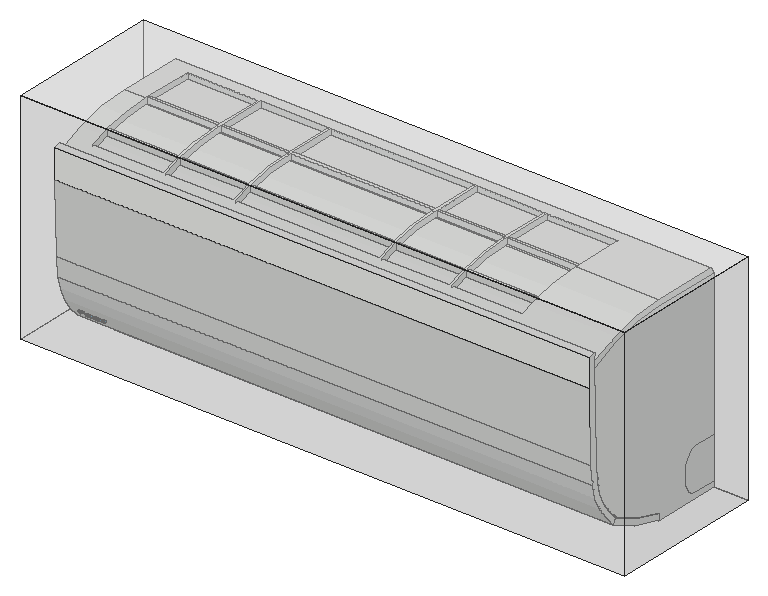
Revit family "outputfile", category 機械設備, Revit 2024
Family settings
  丸型コネクタ寸法 = 半径を使用
  パーツ タイプ = 標準
  OmniClass 番号 = 23.75.10.24.21.27.27
  OmniClass タイトル = Split System Air Conditioning Units
  作業面ベース = いいえ
  常に垂直 = はい
  ロード時にボイドで切り取り = いいえ
  注釈の向きを維持 = いいえ
  共有 = いいえ
  部屋計算ポイント = いいえ
Parameters (values of type "FTXF20WVMA")
  Description = ""
  書き出し IFC クラス(タイプ) = "IfcUnitaryEquipmentType"
  定義済み IFC タイプ(タイプ) = "AIRCONDITIONINGUNIT"
  Cost = 0
  Type Comments = ""
  Keynote = ""
  Type Image = (empty or 0)
  Assembly Code = ""
  w_wall hole = if(Width = 770.0 mm, 48.0 mm, 60.0 mm)  # 48.0 mm
  製造元 = "Daikin"
  モデル = "FTXF20WVMA"
  switch_frequency = yes
  r_Liquid Pipe Size = Liquid Pipe Size / 2  # 3.2 mm
  r_Gas Pipe Size = Gas Pipe Size / 2  # 4.75 mm
  r_Drain Pipe Size = Drain Pipe Size / 2  # 8.0 mm
  lw_powersupply [instance] = if(Width = 770.0 mm, if(or(Rear Right Connection_refrigerant, Bottom Right Connection_refrigerant), 25.0 mm, if(or(Rear Left Connection_refrigerant, Bottom Left Connection_refrigerant), 745.0 mm, 400.0 mm)), if(Width = 990.0 mm, if(or(Rear Right Connection_refrigerant, Bottom Right Connection_refrigerant), 40.0 mm, if(or(Rear Left Connection_refrigerant, Bottom Left Connection_refrigerant), 920.0 mm, 400.0 mm)), if(or(Rear Right Connection_refrigerant, Bottom Right Connection_refrigerant), 40.0 mm, if(or(Rear Left Connection_refrigerant, Bottom Left Connection_refrigerant), 920.0 mm, 400.0 mm))))  # 400.0 mm
  lw_liquidpipe [instance] = if(Width = 770.0 mm, if(or(Rear Right Connection_refrigerant, Bottom Right Connection_refrigerant), 0.0 mm, if(or(Rear Left Connection_refrigerant, Bottom Left Connection_refrigerant), 664.0 mm, 385.0 mm)), if(Width = 990.0 mm, if(or(Rear Right Connection_refrigerant, Bottom Right Connection_refrigerant), 0.0 mm, if(or(Rear Left Connection_refrigerant, Bottom Left Connection_refrigerant), 664.0 mm + (990.0 mm - 770.0 mm), 475.0 mm)), if(or(Rear Right Connection_refrigerant, Bottom Right Connection_refrigerant), 0.0 mm, if(or(Rear Left Connection_refrigerant, Bottom Left Connection_refrigerant), 664.0 mm + (990.0 mm - 770.0 mm), 475.0 mm))))  # 385.0 mm
  lw_gaspipe [instance] = if(Width = 770.0 mm, if(or(Rear Right Connection_refrigerant, Bottom Right Connection_refrigerant), 0.0 mm, if(or(Rear Left Connection_refrigerant, Bottom Left Connection_refrigerant), 675.0 mm, if(Gas Pipe Size = 12.7 mm, 335.0 mm, 335.0 mm))), if(Width = 990.0 mm, if(or(Rear Right Connection_refrigerant, Bottom Right Connection_refrigerant), 10.0 mm, if(or(Rear Left Connection_refrigerant, Bottom Left Connection_refrigerant), 890.0 mm, if(Gas Pipe Size = 15.9 mm, 400.0 mm, 400.0 mm))), if(or(Rear Right Connection_refrigerant, Bottom Right Connection_refrigerant), 10.0 mm, if(or(Rear Left Connection_refrigerant, Bottom Left Connection_refrigerant), 890.0 mm, if(Gas Pipe Size = 15.9 mm, 400.0 mm, 400.0 mm)))))  # 335.0 mm
  lw_drainpipe [instance] = if(Width = 770.0 mm, if(or(Rear Right Connection_refrigerant, Bottom Right Connection_refrigerant), 0.0 mm, if(or(Rear Left Connection_refrigerant, Bottom Left Connection_refrigerant), 770.0 mm - 48.0 mm - 48.0 mm, 440.0 mm)), if(Width = 990.0 mm, if(or(Rear Right Connection_refrigerant, Bottom Right Connection_refrigerant), 0.0 mm, if(or(Rear Left Connection_refrigerant, Bottom Left Connection_refrigerant), 675.0 mm + (990.0 mm - 770.0 mm), 435.0 mm)), if(or(Rear Right Connection_refrigerant, Bottom Right Connection_refrigerant), 0.0 mm, if(or(Rear Left Connection_refrigerant, Bottom Left Connection_refrigerant), 675.0 mm + (990.0 mm - 770.0 mm), 435.0 mm))))  # 440.0 mm
  l_powersupply_length [instance] = if(Width = 770.0 mm, if(Right Connection_refrigerant, 400.0 mm, if(Left Connection_refrigerant, 770.0 mm - 400.0 mm, if(or(Rear Left Connection_refrigerant, Rear Right Connection_refrigerant), 15.0 mm, 50.0 mm))), if(Width = 990.0 mm, if(Right Connection_refrigerant, 400.0 mm, if(Left Connection_refrigerant, 990.0 mm - 400.0 mm, if(or(Rear Left Connection_refrigerant, Rear Right Connection_refrigerant), 15.0 mm, 50.0 mm))), if(Right Connection_refrigerant, 400.0 mm, if(Left Connection_refrigerant, 990.0 mm - 400.0 mm, if(or(Rear Left Connection_refrigerant, Rear Right Connection_refrigerant), 15.0 mm, 50.0 mm)))))  # 400.0 mm
  l_liquidpipe_length [instance] = if(Width = 770.0 mm, if(Right Connection_refrigerant, 433.0 mm, if(Left Connection_refrigerant, 337.0 mm, if(or(Rear Left Connection_refrigerant, Rear Right Connection_refrigerant), 30.0 mm, 40.0 mm))), if(Width = 990.0 mm, if(Right Connection_refrigerant, 535.0 mm, if(Left Connection_refrigerant, 455.0 mm, if(or(Rear Left Connection_refrigerant, Rear Right Connection_refrigerant), 30.0 mm, 40.0 mm))), if(Right Connection_refrigerant, 535.0 mm, if(Left Connection_refrigerant, 455.0 mm, if(or(Rear Left Connection_refrigerant, Rear Right Connection_refrigerant), 30.0 mm, 40.0 mm)))))  # 433.0 mm
  l_gaspipe_length [instance] = if(Width = 770.0 mm, if(Right Connection_refrigerant, if(Gas Pipe Size = 12.7 mm, 383.0 mm, 383.0 mm), if(Left Connection_refrigerant, if(Gas Pipe Size = 12.7 mm, 770.0 mm - 383.0 mm, 770.0 mm - 383.0 mm), if(or(Rear Left Connection_refrigerant, Rear Right Connection_refrigerant), 40.0 mm, 50.0 mm))), if(Width = 990.0 mm, if(Right Connection_refrigerant, if(Gas Pipe Size = 15.9 mm, 460.0 mm, 460.0 mm), if(Left Connection_refrigerant, if(Gas Pipe Size = 15.9 mm, 990.0 mm - 460.0 mm, 990.0 mm - 460.0 mm), if(or(Rear Left Connection_refrigerant, Rear Right Connection_refrigerant), 40.0 mm, 50.0 mm))), if(Right Connection_refrigerant, if(Gas Pipe Size = 15.9 mm, 460.0 mm, 460.0 mm), if(Left Connection_refrigerant, if(Gas Pipe Size = 15.9 mm, 990.0 mm - 460.0 mm, 990.0 mm - 460.0 mm), if(or(Rear Left Connection_refrigerant, Rear Right Connection_refrigerant), 40.0 mm, 50.0 mm)))))  # 383.0 mm
  l_drainpipe_length [instance] = if(Width = 770.0 mm, if(Right Connection_refrigerant, 488.0 mm, if(Left Connection_refrigerant, 282.0 mm, if(or(Rear Left Connection_refrigerant, Rear Right Connection_refrigerant), 15.0 mm, 20.0 mm))), if(Width = 990.0 mm, if(Right Connection_refrigerant, 495.0 mm, if(Left Connection_refrigerant, 495.0 mm, if(or(Rear Left Connection_refrigerant, Rear Right Connection_refrigerant), 15.0 mm, 20.0 mm))), if(Right Connection_refrigerant, 495.0 mm, if(Left Connection_refrigerant, 495.0 mm, if(or(Rear Left Connection_refrigerant, Rear Right Connection_refrigerant), 15.0 mm, 20.0 mm)))))  # 488.0 mm
  h*** = 0.0 mm  # constant formula
  connector_voltage = Voltage_50Hz  # 230 V
  connector_powerinput = if([Power Input (Cooling)] > [Power Input (Heating)], [Power Input (Cooling)], [Power Input (Heating)])  # 0.000 kW
  connector_phase = Phase_50Hz  # 1
  angle_vertical [instance] = if(or(Bottom Left Connection_refrigerant, Bottom Right Connection_refrigerant), 0.00°, 90.00°)  # 90.00°
  angle_horizontal [instance] = if(Right Connection_refrigerant, 90.00°, if(Left Connection_refrigerant, -90.00°, if(or(Rear Left Connection_refrigerant, Rear Right Connection_refrigerant), 180.00°, 0.00°)))  # 90.00°
  Width = 770.0 mm
  Voltage_comment_50Hz = "220 - 240"
  Voltage_50Hz = 230 V
  Version = "ver.1.0"
  Unit Type = "Wall Mounted"
  Unit Mass Weight = 9.00 kg
  Unit Designation [instance] = ""
  Uniclass2015Version = "Products v1.30"
  Uniclass2015Title = "Split coil room air conditioning units"
  Uniclass2015Code = "Pr_70_65_03_86"
  URL = ""
  Total Heating Capacity [instance] = 0.000 kW
  Total Cooling Capacity [instance] = 0.000 kW
  Sound Pressure Level_M speed (dBA) = 33
  Sound Pressure Level_L speed (dBA) = 27
  Sound Pressure Level_H speed (dBA) = 39
  Sound Power Level_H speed (dB) = 0
  Series = "Single Split_Fan Coil Unit"
  Sensible Cooling Capacity [instance] = 0.000 kW
  Refrigerant Type = "R32"
  Power Input (Heating) = 0.000 kW
  Power Input (Cooling) = 0.000 kW
  Phase_50Hz = 1
  Option Accessory 3 [instance] = ""
  Option Accessory 2 [instance] = ""
  Option Accessory 1 [instance] = ""
  Nominal Heating Capacity = 2.500 kW
  Nominal Cooling Capacity = 2.000 kW
  Minimum Circuit Amps_50Hz = 0.0 A
  Minimum Airflow = 306.00 m³/h
  Median Airflow = 390.00 m³/h
  Maximum Fuse Amps_50Hz = 0.0 A
  Maximum Airflow = 546.00 m³/h
  Material_Casing = DAIKIN_PureWhite_Casing_indoorunit
  Load Classification = HVAC
  Liquid Pipe Size = 6.4 mm
  Link_Nested Family [instance] = ""
  IfcVersion = ""
  IfcExportType = "AIRCONDITIONINGUNIT"
  IfcExportAs = "IfcUnitaryEquipmentType"
  Height = 285.0 mm
  Heating Entering Wet Bulb Temperature [instance] = 0.00 °C
  Heating Entering Dry Bulb Temperature [instance] = 0.00 °C
  Heating Ambient Wet Bulb Temperature [instance] = 0.00 °C
  Heating Ambient Dry Bulb Temperature [instance] = 0.00 °C
  Heat Exchanger Type = "Cross Fin Coil"
  Gas Pipe Size = 9.5 mm
  Frequency_50Hz = 50 Hz
  Fan Type = "Cross Flow Fan"
  Fan Drive = "Direct Drive"
  FCU Tag No. [instance] = ""
  Drain Pipe Size = 16.0 mm
  Design Supply Airflow [instance] = 0.00 m³/h
  Depth = 223.0 mm
  既定の高さ = 0.0 mm
  Cooling Entering Wet Bulb Temperature [instance] = 0.00 °C
  Cooling Entering Dry Bulb Temperature [instance] = 0.00 °C
  Cooling Ambient Wet Bulb Temperature [instance] = 0.00 °C
  Cooling Ambient Dry Bulb Temperature [instance] = 0.00 °C
  Clearance visibility [instance] = yes
  Clearance Top = 30.0 mm
  Clearance Right = 50.0 mm
  Clearance Rear = 0.0 mm
  Clearance Left = 50.0 mm
  Clearance Front = 0.0 mm
  Clearance Bottom = 0.0 mm
  Bottom Right Connection_refrigerant [instance] = no
  Bottom Left Connection_refrigerant [instance] = no
  Rear Right Connection_refrigerant [instance] = no
  Rear Left Connection_refrigerant [instance] = no
  Right Connection_refrigerant [instance] = yes
  Left Connection_refrigerant [instance] = no
Reference planes
  plane 1 "Back": y = 0
  plane 2: z = 0
  plane 3 "Center (Left/Right)": x = 0
  plane 4 "Center (Front/Back)": y = -111.5
  plane 5 "Front": y = -223
  plane 6 "Left": x = -385
  plane 7 "Right": x = 385
  plane 8 "Top": z = 0
  plane 9 "Bottom": z = -285
  plane 10: x = -435
  plane 11: x = 435
  plane 12: y = 0
  plane 13: y = -223
  plane 14: z = 30
  plane 15: z = -285
  plane 16 "lw_Piping and Wiring intake": x = 337
  plane 17 "lw_gaspipe": x = 2
  plane 18 "lw_liquidpipe": x = -48
  plane 19 "lw_drainpipe": x = -103
  plane 20 "lh_drainpipe": z = -265
  plane 21 "lh_liquidpipe": z = -245
  plane 22 "lh_gaspipe": z = -235
  plane 23 "ld_drainpipe": y = -15
  plane 24 "ld_liquidpipe": y = -30
  plane 25 "ld_gaspipe": y = -40
  plane 26 "lw_powersupply": x = -15
Dimensions and locks
  equal spacing: plane 6 "Left", plane 3 "Center (Left/Right)", plane 7 "Right"
  "Width": plane 6 "Left" to plane 7 "Right"
  equal spacing: plane 5 "Front", plane 4 "Center (Front/Back)", plane 1 "Back"
  "Depth": plane 5 "Front" to plane 1 "Back"
  "Height": plane 8 "Top" to plane 9 "Bottom"
  "Clearance Rear": plane 12 to plane 1 "Back"
  "Clearance Front": plane 13 to plane 5 "Front"
  "Clearance Top": plane 14 to plane 8 "Top"
  "Clearance Bottom": plane 9 "Bottom" to plane 15
  "w_wall hole": plane 16 "lw_Piping and Wiring intake" to plane 7 "Right"
  "lw_gaspipe": plane 17 "lw_gaspipe" to plane 16 "lw_Piping and Wiring intake"
  "lw_liquidpipe": plane 18 "lw_liquidpipe" to plane 16 "lw_Piping and Wiring intake"
  "lw_drainpipe": plane 19 "lw_drainpipe" to plane 16 "lw_Piping and Wiring intake"
  locked: plane 20 "lh_drainpipe" to plane 9 "Bottom" at 20
  locked: plane 21 "lh_liquidpipe" to plane 9 "Bottom" at 40
  locked: plane 22 "lh_gaspipe" to plane 9 "Bottom" at 50
  locked: plane 23 "ld_drainpipe" to plane 1 "Back" at 15
  locked: plane 1 "Back" to plane 24 "ld_liquidpipe" at 30
  locked: plane 1 "Back" to plane 25 "ld_gaspipe" at 40
  "lw_powersupply": plane 26 "lw_powersupply" to plane 7 "Right"
  "Clearance Left": plane 10 to plane 6 "Left"
  "Clearance Right": plane 7 "Right" to plane 11
  aligned and locked: level to plane 2
  aligned and locked: plane 12 to nested 1
  aligned and locked: nested 1 to plane 13
  aligned and locked: plane 10 to nested 1
  aligned and locked: plane 11 to nested 1
  aligned and locked: plane 15 to nested 1
  aligned and locked: plane 14 to nested 1
  aligned and locked: plane 17 "lw_gaspipe" to nested 2
  aligned and locked: nested 2 to plane 25 "ld_gaspipe"
  aligned and locked: plane 18 "lw_liquidpipe" to nested 3
  aligned and locked: nested 3 to plane 24 "ld_liquidpipe"
  aligned and locked: plane 19 "lw_drainpipe" to nested 4
  aligned and locked: nested 4 to plane 23 "ld_drainpipe"
  aligned and locked: nested 5 to plane 23 "ld_drainpipe"
  aligned and locked: plane 26 "lw_powersupply" to nested 5
  aligned and locked: level to plane 8 "Top"
  aligned and locked: plane 3 "Center (Left/Right)" to nested 6
  aligned and locked: plane 1 "Back" to nested 6
  aligned and locked: plane 8 "Top" to nested 6
Nested families
  nested 1: "daikin_clearancespace" at (0, -111.5, -127.381), show <- "Clearance visibility", visible <- "Clearance visibility", Link_Nested Family <- "Link_Nested Family", type "daikin_clearancespace"
    with width 870.0 mm, show yes, height 315.0 mm, depth 223.0 mm, Link_Nested Family ""
  nested 2: "daikin_connector_rotate3" at (2, -40, -235), angle_vertical <- "angle_vertical", angle_horizontal <- "angle_horizontal", length <- "l_gaspipe_length", radius <- "r_Gas Pipe Size", type "daikin_connector_rotate3"
    with show no, radius 4.75 mm, length 383.0 mm, angle_vertical 90.00°, angle_horizontal 90.00°
  nested 3: "daikin_connector_rotate3" at (-48, -30, -245), angle_vertical <- "angle_vertical", angle_horizontal <- "angle_horizontal", radius <- "r_Liquid Pipe Size", length <- "l_liquidpipe_length", type "daikin_connector_rotate3"
    with show no, radius 3.2 mm, length 433.0 mm, angle_vertical 90.00°, angle_horizontal 90.00°
  nested 4: "daikin_connector_rotate3" at (-103, -15, -265), angle_vertical <- "angle_vertical", angle_horizontal <- "angle_horizontal", length <- "l_drainpipe_length", radius <- "r_Drain Pipe Size", type "daikin_connector_rotate3"
    with show no, radius 8.0 mm, length 488.0 mm, angle_vertical 90.00°, angle_horizontal 90.00°
  nested 5: "daikin_connector_rotate3" at (-15, -15, -235), angle_vertical <- "angle_vertical", angle_horizontal <- "angle_horizontal", length <- "l_powersupply_length", type "daikin_connector_rotate3"
    with show no, radius 10.0 mm, length 400.0 mm, angle_vertical 90.00°, angle_horizontal 90.00°
  nested 6: "DAIKIN_indoorunit_FTXF-WVMA" at (-31, 0, 0), type "FTXF-WVMA"
Connectors
  piping at (385, -40, -235), diameter 9.5, driven by "r_Gas Pipe Size"
    settings: on nested 2, index 1, connector inside diameter 609.6 mm, connector length 0.0 mm, flow factor 0, pipe flow 0.00 m³/h, pressure drop 0.0 Pa, fitting loss kfactor 0, connector angle 0.00°, fixture units 0, engagement length 0.0 mm, angle of deflection 0.00°, flow configuration 1, flow direction 2, fitting loss method 0, system type 29, joint type 0, gender type 0, connector reference index -1, connector utility 0, adjustable connector no, is connector primary yes, connector description "Refrigerant Gas Piping"
  piping at (385, -30, -245), diameter 6.4, driven by "r_Liquid Pipe Size"
    settings: on nested 3, index 2, connector inside diameter 609.6 mm, connector length 0.0 mm, flow factor 0, pipe flow 0.00 m³/h, pressure drop 0.0 Pa, fitting loss kfactor 0, connector angle 0.00°, fixture units 0, engagement length 0.0 mm, angle of deflection 0.00°, flow configuration 1, flow direction 1, fitting loss method 0, system type 29, joint type 0, gender type 0, connector reference index -1, connector utility 0, adjustable connector no, is connector primary no, connector description "Refrigerant Liquid Piping"
  piping at (385, -15, -265), diameter 16, driven by "r_Drain Pipe Size"
    settings: on nested 4, index 3, connector inside diameter 609.6 mm, connector length 0.0 mm, flow factor 0, pipe flow 0.00 m³/h, pressure drop 0.0 Pa, fitting loss kfactor 0, connector angle 0.00°, fixture units 0, engagement length 0.0 mm, angle of deflection 0.00°, flow configuration 1, flow direction 2, fitting loss method 4, system type 16, joint type 0, gender type 0, connector reference index -1, connector utility 0, adjustable connector no, is connector primary no, connector description "Condensate Drain Piping"
  electrical at (385, -15, -235), driven by "Load Classification", driven by "connector_voltage", driven by "connector_powerinput", driven by "connector_phase"
    settings: on nested 5, index 4, voltage 230 V, apparent load 0 VA, apparent load phase1 0 VA, apparent load phase2 0 VA, apparent load phase3 0 VA, power factor 1, load classification "HVAC", number of poles 1, system type 30, power factor state 1, is connector primary yes, connector utility no, sub classification motor no, connector description "Power Supply"
Definition of nested family "daikin_clearancespace"
  Parameters (values of type "daikin_clearancespace")
    Description = "daikin_clearancespace"
    width [instance] = 1823.963 mm
    show [instance] = yes
    material = none
    height [instance] = 1359.762 mm
    depth [instance] = 880.0 mm
    Default Elevation = 0.0 mm
    Link_Nested Family [instance] = ""
  Reference planes
    plane 1 "Center (Front/Back)": y = 0
    plane 2 "Center (Elevation)": z = -0.119
    plane 3 "Center (Left/Right)": x = 0
    plane 4: y = 440
    plane 5: y = -440
    plane 6 "Right": x = 911.982
    plane 7 "Left": x = -911.982
    plane 8 "Top": z = 679.762
    plane 9 "Bottom": z = -680
  Forms (mm)
    Extrusion 1, solid, material <- "material", visible <- "show"
      sketch origin (0, 0, 0) x (1, 0, 0) y (0, 1, 0)
        loop
          line (-911.982, 440) -> (-911.982, -440) -> (911.982, -440) -> (911.982, 440) -> (-911.982, 440)
      from -680 to 679.762
  Lines and regions (mm)
    symbolic lines, visible <- "show"
      curve 1: line (911.982, 440, 0) -> (-911.982, 440, 0)
      curve 2: line (-911.982, 440, 0) -> (-911.982, -440, 0)
      curve 3: line (-911.982, -440, 0) -> (911.982, -440, 0)
      curve 4: line (911.982, -440, 0) -> (911.982, 440, 0)
      curve 5: line (911.982, 0, 679.762) -> (-911.982, 0, 679.762)
      curve 6: line (911.982, 0, -680) -> (911.982, 0, 679.762)
      curve 7: line (-911.982, 0, -680) -> (911.982, 0, -680)
      curve 8: line (-911.982, 0, 679.762) -> (-911.982, 0, -680)
      curve 9: line (0, 440, 679.762) -> (0, -440, 679.762)
      curve 10: line (0, -440, 679.762) -> (0, -440, -680)
      curve 11: line (0, 440, -680) -> (0, 440, 679.762)
      curve 12: line (0, -440, -680) -> (0, 440, -680)
  Dimensions and locks
    "width": plane 7 "Left" to plane 6 "Right"
    "depth": plane 4 to plane 5
    "height": plane 8 "Top" to plane 9 "Bottom"
    equal spacing: plane 7 "Left", plane 3 "Center (Left/Right)", plane 6 "Right"
    equal spacing: plane 4, plane 1 "Center (Front/Back)", plane 5
    equal spacing: plane 8 "Top", plane 2 "Center (Elevation)", plane 9 "Bottom"
    aligned and locked: level to plane 2 "Center (Elevation)"
    aligned and locked: Extrusion 1 sketch curve to plane 4
    aligned and locked: plane 7 "Left" to Extrusion 1 sketch curve
    aligned and locked: Extrusion 1 sketch curve to plane 5
    aligned and locked: Extrusion 1 sketch curve to plane 6 "Right"
    aligned and locked: plane 8 "Top" to Extrusion 1
    aligned and locked: curve 1 to Extrusion 1
    aligned and locked: curve 2 to Extrusion 1
    aligned and locked: curve 3 to Extrusion 1
    aligned and locked: curve 4 to Extrusion 1
    aligned and locked: curve 5 to Extrusion 1
    aligned and locked: curve 6 to Extrusion 1
    aligned and locked: curve 7 to Extrusion 1
    aligned and locked: curve 8 to Extrusion 1
    aligned and locked: curve 9 to Extrusion 1
    aligned and locked: curve 10 to Extrusion 1
    aligned and locked: curve 11 to Extrusion 1
    aligned and locked: curve 12 to Extrusion 1
    aligned and locked: Extrusion 1 to plane 9 "Bottom"
Definition of nested family "DAIKIN_indoorunit_FTXF-WVMA"
  Parameters (values of type "FTKF-TVMA")
    switch_unit1_60-71 = Width = 990.0 mm  # no
    switch_unit1_20-50 = Width = 770.0 mm  # yes
    Width = 770.0 mm
    WALL HOLE-R = if(Width = 770.0 mm, 48.0 mm, 60.0 mm)  # 48.0 mm
    WALL HOLE Size = if(Width = 770.0 mm, 65.0 mm, 80.0 mm)  # 65.0 mm
    Material_Casing = none
    Height = if(Width = 770.0 mm, 285.0 mm, 295.0 mm)  # 285.0 mm
    Default Elevation = 0.0 mm
  Reference planes
    plane 1 "Center (Front/Back)": y = 0
    plane 2 "reference_level": z = 0
    plane 3 "Center (Left/Right)": x = 31
    plane 4: x = -354
    plane 5: x = 416
    plane 6: z = -285
  Forms (mm)
    Extrusion 1, solid, material <- "Material_Casing", visible <- "switch_unit1_20-50"
      sketch origin (29, 0, 0) x (0, 1, 0) y (0, 0, 1)
        loop
          line (-5, 0) -> (-98, 0)
          arc (-98, 0) -> (-157.611, -7.211) -> (-213.783, -28.427) r 250
          arc (-213.783, -28.427) -> (-213.842, -32.972) -> (-213.892, -37.516) r 2191
          arc (-213.892, -37.516) -> (-157.832, -15.495) -> (-98.07, -8) r 242
          line (-98.07, -8) -> (0, -8) -> (-5, 0)
      from -383 to 387
    Extrusion 2, solid, material <- "Material_Casing", visible <- "switch_unit1_20-50"
      sketch origin (416, 1296.25, 1200) x (0, 1, 0) y (0, 0, 1)
        loop
          line (-1472.998, -1446.91) -> (-1476.998, -1453.839)
          arc (-1476.998, -1453.839) -> (-1437.481, -1472.422) -> (-1395.25, -1483.538) r 240
          line (-1395.25, -1483.538) -> (-1395.25, -1475.422)
          arc (-1395.25, -1475.422) -> (-1435.407, -1464.663) -> (-1472.998, -1446.91) r 232
      from 0 to -47.5
    Extrusion 3, solid, material <- "Material_Casing", visible <- "switch_unit1_20-50"
      sketch origin (29, 0, 0) x (0, 1, 0) y (0, 0, 1)
        loop
          arc (-223, -60.455) -> (-222.414, -110.646) -> (-220.656, -160.81) r 2149.92
          arc (-220.656, -160.81) -> (-219.65, -174.299) -> (-217.853, -187.706) r 229.911
          arc (-217.853, -187.706) -> (-205.371, -223.594) -> (-181.517, -253.17) r 111
          line (-181.517, -253.17) -> (-177.429, -246.093)
          arc (-177.429, -246.093) -> (-198.77, -218.989) -> (-209.965, -186.36) r 103
          arc (-209.965, -186.36) -> (-211.681, -173.586) -> (-212.651, -160.735) r 221.844
          arc (-212.651, -160.735) -> (-214.739, -93.233) -> (-214.74, -25.699) r 2186.828
          arc (-214.74, -25.699) -> (-214.671, -21.467) -> (-214.594, -17.235) r 2192
          line (-214.594, -17.235) -> (-223, -19.961) -> (-223, -60.455)
      from -383 to 387
    Extrusion 4, solid, material <- "Material_Casing", visible <- "switch_unit1_20-50"
      sketch origin (29, 0, -20) x (0, 1, 0) y (0, 0, 1)
        loop
          line (0, -265) -> (0, 12) -> (-98.07, 12)
          arc (-98.07, 12) -> (-157.832, 4.505) -> (-213.892, -17.516) r 242
          arc (-213.892, -17.516) -> (-213.638, -79.114) -> (-211.653, -140.681) r 2191
          arc (-211.653, -140.681) -> (-210.685, -153.501) -> (-208.973, -166.243) r 221
          arc (-208.973, -166.243) -> (-197.471, -199.282) -> (-175.482, -226.491) r 102
          arc (-175.482, -226.491) -> (-138.004, -244.019) -> (-98, -254.579) r 231
          line (-98, -254.579) -> (-98, -265) -> (0, -265)
      from -383 to 387
    Extrusion 5, solid, material <- "Material_Casing", visible <- "switch_unit1_20-50"
      sketch origin (-354, 1296.25, 1200) x (0, 1, 0) y (0, 0, 1)
        loop
          line (-1472.998, -1446.91) -> (-1476.998, -1453.839)
          arc (-1476.998, -1453.839) -> (-1437.481, -1472.422) -> (-1395.25, -1483.538) r 240
          line (-1395.25, -1483.538) -> (-1395.25, -1475.422)
          arc (-1395.25, -1475.422) -> (-1435.407, -1464.663) -> (-1472.998, -1446.91) r 232
      from 47 to 0
    Extrusion 6, solid, material <- "Material_Casing", visible <- "switch_unit1_20-50"
      sketch origin (416, 1296.25, 1200) x (0, 1, 0) y (0, 0, 1)
        loop
          line (-1472.998, -1446.91) -> (-1476.998, -1453.839)
          arc (-1476.998, -1453.839) -> (-1443.437, -1470.168) -> (-1407.75, -1481.097) r 240
          line (-1407.75, -1481.097) -> (-1407.75, -1472.894)
          arc (-1407.75, -1472.894) -> (-1441.363, -1462.385) -> (-1472.998, -1446.91) r 232
      from -116.993 to -48.493
    Extrusion 7, solid, material <- "Material_Casing", visible <- "switch_unit1_20-50"
      sketch origin (416, 1296.25, 1200) x (0, 1, 0) y (0, 0, 1)
        loop
          line (-1472.998, -1446.91) -> (-1476.998, -1453.839)
          arc (-1476.998, -1453.839) -> (-1443.437, -1470.168) -> (-1407.75, -1481.097) r 240
          line (-1407.75, -1481.097) -> (-1407.75, -1472.894)
          arc (-1407.75, -1472.894) -> (-1441.363, -1462.385) -> (-1472.998, -1446.91) r 232
      from -717 to -121.993
    Extrusion 8, void
      sketch origin (31, 0, -235) x (1, 0, 0) y (0, 1, 0)
        loop
          line (-252.674, -22.316) -> (-354.941, -22.316) -> (-354.941, -91.341) -> (-252.674, -91.341) -> (-252.674, -22.316)
        loop
          line (-249.341, -91.341) -> (-151.574, -91.341) -> (-151.574, -22.316) -> (-249.341, -22.316) -> (-249.341, -91.341)
        loop
          line (58.309, -22.316) -> (-148.309, -22.316) -> (-148.309, -91.341) -> (58.309, -91.341) -> (58.309, -22.316)
        loop
          line (61.689, -22.316) -> (61.689, -91.341) -> (159.457, -91.341) -> (159.457, -22.316) -> (61.689, -22.316)
        loop
          line (162.789, -22.316) -> (162.789, -91.341) -> (265.057, -91.341) -> (265.057, -22.316) -> (162.789, -22.316)
        loop
          line (-354.941, -94.659) -> (-354.941, -165.259) -> (-252.674, -165.259) -> (-252.674, -94.659) -> (-354.941, -94.659)
        loop
          line (-249.341, -94.659) -> (-249.341, -165.259) -> (-151.574, -165.259) -> (-151.574, -94.659) -> (-249.341, -94.659)
        loop
          line (-148.309, -94.659) -> (-148.309, -165.259) -> (58.309, -165.259) -> (58.309, -94.659) -> (-148.309, -94.659)
        loop
          line (61.689, -94.659) -> (61.689, -165.259) -> (159.457, -165.259) -> (159.457, -94.659) -> (61.689, -94.659)
        loop
          line (162.789, -94.659) -> (162.789, -165.259) -> (265.057, -165.259) -> (265.057, -94.659) -> (162.789, -94.659)
        loop
          line (-354.941, -167.382) -> (-354.941, -192.681) -> (-252.674, -192.681) -> (-252.674, -167.382) -> (-354.941, -167.382)
        loop
          line (-249.341, -167.382) -> (-249.341, -192.681) -> (-151.574, -192.681) -> (-151.574, -167.382) -> (-249.341, -167.382)
        loop
          line (-148.309, -167.382) -> (-148.309, -192.681) -> (58.309, -192.681) -> (58.309, -167.382) -> (-148.309, -167.382)
        loop
          line (159.457, -167.382) -> (61.689, -167.382) -> (61.689, -192.681) -> (159.457, -192.681) -> (159.457, -167.382)
        loop
          line (265.057, -167.382) -> (162.789, -167.382) -> (162.789, -192.681) -> (265.057, -192.681) -> (265.057, -167.382)
      from 201.638 to 250
    Extrusion 9, solid, material <- "Material_Casing"
      sketch origin (31, 0, 0) x (1, 0, 0) y (0, 0, 1)
        loop
          circle (337, -240.5) r 32.5
        loop
          circle (-337, -240.5) r 32.5
      from 0 to 5
    Extrusion 10, solid, material <- "Material_Casing", visible <- "switch_unit1_20-50"
      sketch origin (416, 1296.25, 1200) x (0, -1, 0) y (0, 0, 1)
        loop
          line (1326.25, -1417) -> (1296.25, -1417) -> (1296.25, -1477) -> (1326.25, -1477)
          arc (1326.25, -1477) -> (1340.393, -1471.142) -> (1346.25, -1457) r 20
          line (1346.25, -1457) -> (1346.25, -1437)
          arc (1346.25, -1437) -> (1340.393, -1422.858) -> (1326.25, -1417) r 20
      from 0 to 5
    Extrusion 11, solid, material <- "Material_Casing", visible <- "switch_unit1_20-50"
      sketch origin (-354, 1296.25, 1200) x (0, 1, 0) y (0, 0, 1)
        loop
          line (-1296.25, -1417) -> (-1326.25, -1417)
          arc (-1326.25, -1417) -> (-1340.393, -1422.858) -> (-1346.25, -1437) r 20
          line (-1346.25, -1437) -> (-1346.25, -1457)
          arc (-1346.25, -1457) -> (-1340.393, -1471.142) -> (-1326.25, -1477) r 20
          line (-1326.25, -1477) -> (-1296.25, -1477) -> (-1296.25, -1417)
      from 0 to 5
    Extrusion 12, solid, material <- "Material_Casing", visible <- "switch_unit1_20-50"
      sketch origin (31, 0, -285) x (-1, 0, 0) y (0, -1, 0)
        loop
          line (-314, 0) -> (-314, 30)
          arc (-314, 30) -> (-319.858, 44.142) -> (-334, 50) r 20
          line (-334, 50) -> (-354, 50)
          arc (-354, 50) -> (-368.142, 44.142) -> (-374, 30) r 20
          line (-374, 30) -> (-374, 0) -> (-314, 0)
        loop
          line (374, 0) -> (374, 30)
          arc (374, 30) -> (368.142, 44.142) -> (354, 50) r 20
          line (354, 50) -> (334, 50)
          arc (334, 50) -> (319.858, 44.142) -> (314, 30) r 20
          line (314, 30) -> (314, 0) -> (374, 0)
      from 0 to 5
    Extrusion 13, solid, material <- "Material_Casing", visible <- "switch_unit1_60-71"
      sketch origin (31, 0, 0) x (0, 1, 0) y (0, 0, 1)
        loop
          line (-5, 0) -> (-138, 0)
          arc (-138, 0) -> (-197.611, -7.211) -> (-253.783, -28.427) r 250
          arc (-253.783, -28.427) -> (-253.838, -32.687) -> (-253.886, -36.946) r 2191
          arc (-253.886, -36.946) -> (-197.73, -15.346) -> (-138.014, -8) r 246.393
          line (-138.014, -8) -> (0, -8) -> (-5, 0)
      from -495 to 495
    Extrusion 14, solid, material <- "Material_Casing", visible <- "switch_unit1_60-71"
      sketch origin (418, 1296.25, 1200) x (0, 1, 0) y (0, 0, 1)
        loop
          arc (-1515.208, -1454.149) -> (-1506.856, -1460.599) -> (-1497.925, -1466.219) r 110
          arc (-1497.925, -1466.219) -> (-1445.718, -1487.493) -> (-1389.844, -1494.995) r 223
          line (-1389.844, -1494.995) -> (-1389.844, -1486.086) -> (-1404.386, -1486.086)
          arc (-1404.386, -1486.086) -> (-1449.542, -1477.46) -> (-1491.818, -1459.402) r 214.289
          arc (-1491.818, -1459.402) -> (-1501.056, -1453.541) -> (-1509.606, -1446.715) r 101
          line (-1509.606, -1446.715) -> (-1515.208, -1454.149)
      from 108 to 57.5
    Extrusion 15, solid, material <- "Material_Casing", visible <- "switch_unit1_60-71"
      sketch origin (31, 0, 0) x (0, 1, 0) y (0, 0, 1)
        loop
          line (-263, -19.962) -> (-263, -61.6)
          arc (-263, -61.6) -> (-262.414, -110.219) -> (-260.656, -158.81) r 2017.341
          arc (-260.656, -158.81) -> (-255.648, -191.935) -> (-244.041, -223.362) r 164.725
          arc (-244.041, -223.362) -> (-233.569, -239.793) -> (-219.717, -253.495) r 87.379
          line (-219.717, -253.495) -> (-214.706, -246.846)
          arc (-214.706, -246.846) -> (-229.564, -230.029) -> (-240.385, -210.371) r 102
          arc (-240.385, -210.371) -> (-249.049, -182.962) -> (-252.848, -154.467) r 165.789
          arc (-252.848, -154.467) -> (-254.771, -90.102) -> (-254.74, -25.708) r 2122.533
          arc (-254.74, -25.708) -> (-254.671, -21.469) -> (-254.594, -17.23) r 2192
          line (-254.594, -17.23) -> (-263, -19.962)
      from -495 to 495
    Extrusion 16, void
      sketch origin (33, 0, 0) x (1, 0, 0) y (0, 1, 0)
        loop
          line (-466.909, -22.316) -> (-466.909, -111.341) -> (-366.303, -111.341) -> (-366.303, -22.316) -> (-466.909, -22.316)
        loop
          line (-362.71, -22.316) -> (-362.71, -111.341) -> (-262.103, -111.341) -> (-262.103, -22.316) -> (-362.71, -22.316)
        loop
          line (-258.51, -22.316) -> (-258.51, -111.341) -> (-157.904, -111.341) -> (-157.904, -22.316) -> (-258.51, -22.316)
        loop
          line (-154.31, -22.316) -> (-154.31, -111.341) -> (-53.704, -111.341) -> (-53.704, -22.316) -> (-154.31, -22.316)
        loop
          line (-50.11, -22.316) -> (-50.11, -111.341) -> (50.496, -111.341) -> (50.496, -22.316) -> (-50.11, -22.316)
        loop
          line (54.089, -22.316) -> (54.089, -111.341) -> (154.696, -111.341) -> (154.696, -22.316) -> (54.089, -22.316)
        loop
          line (158.289, -22.316) -> (158.289, -111.341) -> (258.895, -111.341) -> (258.895, -22.316) -> (158.289, -22.316)
        loop
          line (262.489, -22.316) -> (262.489, -111.341) -> (363.095, -111.341) -> (363.095, -22.316) -> (262.489, -22.316)
        loop
          line (-466.909, -114.459) -> (-466.909, -185.059) -> (-366.303, -185.059) -> (-366.303, -114.459) -> (-466.909, -114.459)
        loop
          line (-362.71, -114.459) -> (-362.71, -185.059) -> (-262.103, -185.059) -> (-262.103, -114.459) -> (-362.71, -114.459)
        loop
          line (-258.51, -114.459) -> (-258.51, -185.059) -> (-157.904, -185.059) -> (-157.904, -114.459) -> (-258.51, -114.459)
        loop
          line (-154.31, -114.459) -> (-154.31, -185.059) -> (-53.704, -185.059) -> (-53.704, -114.459) -> (-154.31, -114.459)
        loop
          line (-50.11, -114.459) -> (-50.11, -185.059) -> (50.496, -185.059) -> (50.496, -114.459) -> (-50.11, -114.459)
        loop
          line (54.089, -114.459) -> (54.089, -185.059) -> (154.696, -185.059) -> (154.696, -114.459) -> (54.089, -114.459)
        loop
          line (158.289, -114.459) -> (158.289, -185.059) -> (258.895, -185.059) -> (258.895, -114.459) -> (158.289, -114.459)
        loop
          line (262.489, -114.459) -> (262.489, -185.059) -> (363.095, -185.059) -> (363.095, -114.459) -> (262.489, -114.459)
        loop
          line (-466.909, -187.382) -> (-466.909, -232.681) -> (-366.303, -232.681) -> (-366.303, -187.382) -> (-466.909, -187.382)
        loop
          line (-362.71, -187.382) -> (-362.71, -232.681) -> (-262.103, -232.681) -> (-262.103, -187.382) -> (-362.71, -187.382)
        loop
          line (-258.51, -187.382) -> (-258.51, -232.681) -> (-157.904, -232.681) -> (-157.904, -187.382) -> (-258.51, -187.382)
        loop
          line (-154.31, -187.382) -> (-154.31, -232.681) -> (-53.704, -232.681) -> (-53.704, -187.382) -> (-154.31, -187.382)
        loop
          line (-50.11, -187.382) -> (-50.11, -232.681) -> (50.496, -232.681) -> (50.496, -187.382) -> (-50.11, -187.382)
        loop
          line (54.089, -187.382) -> (54.089, -232.681) -> (154.696, -232.681) -> (154.696, -187.382) -> (54.089, -187.382)
        loop
          line (158.289, -187.382) -> (158.289, -232.681) -> (258.895, -232.681) -> (258.895, -187.382) -> (158.289, -187.382)
        loop
          line (262.489, -187.382) -> (262.489, -232.681) -> (363.095, -232.681) -> (363.095, -187.382) -> (262.489, -187.382)
      from -40.013 to 47.268
    Extrusion 17, solid, material <- "Material_Casing", visible <- "switch_unit1_60-71"
      sketch origin (-356, 1296.25, 1200) x (0, 1, 0) y (0, 0, -1)
        loop
          line (-1515.208, 1454.149) -> (-1509.606, 1446.715)
          arc (-1509.606, 1446.715) -> (-1501.056, 1453.541) -> (-1491.818, 1459.402) r 101
          arc (-1491.818, 1459.402) -> (-1449.542, 1477.46) -> (-1404.386, 1486.086) r 214.289
          line (-1404.386, 1486.086) -> (-1389.844, 1486.086) -> (-1389.844, 1494.995)
          arc (-1389.844, 1494.995) -> (-1445.718, 1487.493) -> (-1497.925, 1466.219) r 223
          arc (-1497.925, 1466.219) -> (-1506.856, 1460.599) -> (-1515.208, 1454.149) r 110
      from 108 to 61
    Extrusion 18, solid, material <- "Material_Casing", visible <- "switch_unit1_60-71"
      sketch origin (418, 1296.25, 1200) x (0, 1, 0) y (0, 0, 1)
        loop
          arc (-1515.208, -1454.149) -> (-1506.856, -1460.599) -> (-1497.925, -1466.219) r 110
          arc (-1497.925, -1466.219) -> (-1463.185, -1482.066) -> (-1426.25, -1491.755) r 223
          line (-1426.25, -1491.755) -> (-1426.25, -1483.166)
          arc (-1426.25, -1483.166) -> (-1460.008, -1473.969) -> (-1491.818, -1459.402) r 214.289
          arc (-1491.818, -1459.402) -> (-1501.056, -1453.541) -> (-1509.606, -1446.715) r 101
          line (-1509.606, -1446.715) -> (-1515.208, -1454.149)
      from 56.5 to -36.993
    Extrusion 19, solid, material <- "Material_Casing", visible <- "switch_unit1_60-71"
      sketch origin (418, 1296.25, 1200) x (0, 1, 0) y (0, 0, 1)
        loop
          arc (-1426.25, -1483.166) -> (-1443.442, -1479.224) -> (-1460.25, -1473.881) r 214.289
          line (-1460.25, -1473.881) -> (-1460.25, -1483.089)
          arc (-1460.25, -1483.089) -> (-1443.421, -1488.091) -> (-1426.25, -1491.755) r 223
          line (-1426.25, -1491.755) -> (-1426.25, -1483.166)
      from -43.493 to -828.893
    Extrusion 20, solid, material <- "Material_Casing", visible <- "switch_unit1_60-71"
      sketch origin (418, 1296.25, 1200) x (0, 1, 0) y (0, 0, 1)
        loop
          arc (-1515.208, -1454.149) -> (-1506.856, -1460.599) -> (-1497.925, -1466.219) r 110
          arc (-1497.925, -1466.219) -> (-1479.479, -1475.527) -> (-1460.25, -1483.089) r 223
          line (-1460.25, -1483.089) -> (-1460.25, -1473.881)
          arc (-1460.25, -1473.881) -> (-1476.328, -1467.282) -> (-1491.818, -1459.402) r 214.289
          arc (-1491.818, -1459.402) -> (-1501.056, -1453.541) -> (-1509.606, -1446.715) r 101
          line (-1509.606, -1446.715) -> (-1515.208, -1454.149)
      from -43.493 to -828.893
    Extrusion 21, solid, material <- "Material_Casing", visible <- "switch_unit1_60-71"
      sketch origin (31, 0, -30) x (0, 1, 0) y (0, 0, 1)
        loop
          line (0, 22) -> (-138.014, 22)
          arc (-138.014, 22) -> (-197.73, 14.654) -> (-253.886, -6.946) r 246.393
          arc (-253.886, -6.946) -> (-253.682, -65.635) -> (-251.855, -124.295) r 2120.935
          arc (-251.855, -124.295) -> (-248.086, -152.682) -> (-239.461, -179.988) r 164.789
          arc (-239.461, -179.988) -> (-228.903, -199.231) -> (-214.437, -215.738) r 101
          line (-214.437, -215.738) -> (-212.406, -216.221)
          arc (-212.406, -216.221) -> (-204.07, -222.837) -> (-195.079, -228.53) r 100
          arc (-195.079, -228.53) -> (-145.557, -248.629) -> (-92.593, -255.785) r 213.289
          line (-92.593, -255.785) -> (-92.593, -265) -> (0, -265) -> (0, 22)
      from -495 to 495
    Extrusion 22, solid, material <- "Material_Casing", visible <- "switch_unit1_60-71"
      sketch origin (526, 1296.25, 1200) x (0, -1, 0) y (0, 0, 1)
        loop
          line (1326.25, -1427.035) -> (1296.25, -1427.035) -> (1296.25, -1487.035) -> (1326.25, -1487.035)
          arc (1326.25, -1487.035) -> (1340.393, -1481.177) -> (1346.25, -1467.035) r 20
          line (1346.25, -1467.035) -> (1346.25, -1447.035)
          arc (1346.25, -1447.035) -> (1340.393, -1432.892) -> (1326.25, -1427.035) r 20
      from 0 to 5
    Extrusion 23, solid, material <- "Material_Casing", visible <- "switch_unit1_60-71"
      sketch origin (-459, 1296.25, 1200) x (0, -1, 0) y (0, 0, 1)
        loop
          line (1326.25, -1427.035) -> (1296.25, -1427.035) -> (1296.25, -1487.035) -> (1326.25, -1487.035)
          arc (1326.25, -1487.035) -> (1340.393, -1481.177) -> (1346.25, -1467.035) r 20
          line (1346.25, -1467.035) -> (1346.25, -1447.035)
          arc (1346.25, -1447.035) -> (1340.393, -1432.892) -> (1326.25, -1427.035) r 20
      from 0 to 5
    Extrusion 24, solid, material <- "Material_Casing", visible <- "switch_unit1_60-71"
      sketch origin (31, 200, -295) x (-1, 0, 0) y (0, -1, 0)
        loop
          line (469, 200) -> (469, 230)
          arc (469, 230) -> (463.142, 244.142) -> (449, 250) r 20
          line (449, 250) -> (429, 250)
          arc (429, 250) -> (414.858, 244.142) -> (409, 230) r 20
          line (409, 230) -> (409, 200) -> (469, 200)
        loop
          line (-469, 200) -> (-409, 200) -> (-409, 230)
          arc (-409, 230) -> (-414.858, 244.142) -> (-429, 250) r 20
          line (-429, 250) -> (-449, 250)
          arc (-449, 250) -> (-463.142, 244.142) -> (-469, 230) r 20
          line (-469, 230) -> (-469, 200)
      from 0 to 5
  Cuts and joins
    Extrusion 8 cuts Extrusion 1
    Extrusion 16 cuts Extrusion 13
  Lines and regions (mm)
    reference lines
      curve 1: line (-523, -201.911, -229.404) -> (-523, -193.542, -239.977)
      curve 2: line (-523, -240.779, -229.404) -> (-523, -232.411, -239.977)
  Dimensions and locks
    locked: Extrusion 10 sketch curve to Extrusion 10 sketch curve at 60
    locked: Extrusion 10 sketch curve to Extrusion 10 sketch curve at 50
    locked: Extrusion 12 sketch curve to Extrusion 12 sketch curve at 60  (x2)
    locked: Extrusion 12 sketch curve to Extrusion 12 sketch curve at 50
    equal spacing: plane 5, plane 3 "Center (Left/Right)", plane 4
    "Width": plane 5 to plane 4
    locked: Extrusion 9 sketch curve to plane 4 at 48
    "WALL HOLE-R": plane 5 to Extrusion 9 sketch curve
    "Height": plane 2 "reference_level" to plane 6
    locked: Extrusion 9 sketch curve to plane 6 at 44.5  (x2)
    locked: Extrusion 15 to nested 2 at 15
    locked: Extrusion 22 sketch curve to Extrusion 22 sketch curve at 60
    locked: Extrusion 22 sketch curve to Extrusion 22 sketch curve at 50
    locked: Extrusion 23 sketch curve to Extrusion 23 sketch curve at 60
    locked: Extrusion 23 sketch curve to Extrusion 23 sketch curve at 50
    locked: Extrusion 24 sketch curve to Extrusion 24 sketch curve at 60  (x2)
    locked: Extrusion 24 sketch curve to Extrusion 24 sketch curve at 50  (x2)
    "WALL HOLE Size": diameter of Extrusion 9 sketch curve  (x2)
    aligned and locked: level to plane 2 "reference_level"
    aligned and locked: nested 1 to curve 1
    aligned and locked: Extrusion 11 sketch curve to Extrusion 10  (x4)
    aligned and locked: Extrusion 12 sketch curve to Extrusion 12 sketch curve  (x2)
    aligned and locked: Extrusion 9 to plane 1 "Center (Front/Back)"
    aligned and locked: nested 2 to curve 2
  Automatic sketch dimensions
    curve 1 to level = 239.977 mm
    plane 1 "Center (Front/Back)" to curve 1 = 193.542 mm
    curve 2 to curve 1 = 0.0 mm
    curve 2 to curve 2 = 10.573 mm
    curve 1 to curve 1 = 10.573 mm
    curve 1 to curve 1 = 8.368 mm
    curve 1 to curve 2 = 30.5 mm
    curve 2 to curve 2 = 8.368 mm
    Extrusion 1 sketch curve to level = 0.0 mm
    Extrusion 1 sketch curve to plane 1 "Center (Front/Back)" = 0.0 mm
    plane 1 "Center (Front/Back)" to Extrusion 1 sketch curve = 5.0 mm
    plane 1 "Center (Front/Back)" to Extrusion 1 sketch curve = 98.0 mm
    Extrusion 1 sketch curve to Extrusion 1 sketch curve = 0.07 mm
    Extrusion 1 sketch curve to level = 59.292 mm
    Extrusion 1 sketch curve to plane 1 "Center (Front/Back)" = 1977.0 mm
    Extrusion 1 sketch curve to level = 250.0 mm
    Extrusion 1 sketch curve to Extrusion 1 sketch curve = 0.0 mm
    Extrusion 1 sketch curve to level = 8.0 mm
    Extrusion 1 sketch curve to level = 28.427 mm
    plane 1 "Center (Front/Back)" to Extrusion 2 sketch curve = 180.748 mm
    Extrusion 2 sketch curve to Extrusion 2 sketch curve = 4.0 mm
    Extrusion 2 sketch curve to Extrusion 2 sketch curve = 77.747 mm
    plane 1 "Center (Front/Back)" to Extrusion 2 sketch curve = 59.279 mm
    Extrusion 2 sketch curve to Extrusion 2 sketch curve = 0.0 mm
    Extrusion 2 sketch curve to level = 283.538 mm
    Extrusion 2 sketch curve to Extrusion 2 sketch curve = 8.116 mm
    Extrusion 2 sketch curve to Extrusion 2 sketch curve = 21.583 mm
    Extrusion 2 sketch curve to Extrusion 2 sketch curve = 6.929 mm
    Extrusion 3 sketch curve to level = 19.961 mm
    plane 1 "Center (Front/Back)" to Extrusion 3 sketch curve = 223.0 mm
    Extrusion 3 sketch curve to level = 17.235 mm
    Extrusion 3 sketch curve to Extrusion 3 sketch curve = 8.406 mm
    plane 1 "Center (Front/Back)" to Extrusion 3 sketch curve = 181.517 mm
    Extrusion 3 sketch curve to Extrusion 3 sketch curve = 4.087 mm
    Extrusion 3 sketch curve to Extrusion 3 sketch curve = 69.11 mm
    Extrusion 3 sketch curve to Extrusion 3 sketch curve = 0.001 mm
    Extrusion 3 sketch curve to plane 1 "Center (Front/Back)" = 8.955 mm
    Extrusion 3 sketch curve to Extrusion 3 sketch curve = 0.067 mm
    Extrusion 3 sketch curve to level = 60.455 mm
    Extrusion 3 sketch curve to Extrusion 3 sketch curve = 1917.898 mm
    Extrusion 3 sketch curve to Extrusion 3 sketch curve = 44.907 mm
    Extrusion 3 sketch curve to Extrusion 3 sketch curve = 5.172 mm
    Extrusion 3 sketch curve to level = 150.456 mm
    Extrusion 3 sketch curve to Extrusion 3 sketch curve = 0.006 mm
    Extrusion 3 sketch curve to Extrusion 3 sketch curve = 19.265 mm
    Extrusion 3 sketch curve to Extrusion 3 sketch curve = 0.004 mm
    Extrusion 3 sketch curve to Extrusion 3 sketch curve = 76.368 mm
    Extrusion 3 sketch curve to Extrusion 3 sketch curve = 7.077 mm
    Extrusion 3 sketch curve to Extrusion 3 sketch curve = 1.002 mm
    Extrusion 3 sketch curve to Extrusion 3 sketch curve = 0.046 mm
    Extrusion 3 sketch curve to Extrusion 3 sketch curve = 8.005 mm
    Extrusion 3 sketch curve to Extrusion 3 sketch curve = 0.147 mm
    Extrusion 3 sketch curve to Extrusion 3 sketch curve = 0.0 mm
    Extrusion 4 sketch curve to plane 1 "Center (Front/Back)" = 0.0 mm
    plane 1 "Center (Front/Back)" to Extrusion 4 sketch curve = 59.278 mm
    Extrusion 4 sketch curve to Extrusion 4 sketch curve = 98.0 mm
    Extrusion 4 sketch curve to Extrusion 4 sketch curve = 0.0 mm  (x3)
    Extrusion 4 sketch curve to level = 8.0 mm
    Extrusion 4 sketch curve to Extrusion 4 sketch curve = 38.791 mm
    Extrusion 4 sketch curve to Extrusion 4 sketch curve = 10.249 mm
    Extrusion 4 sketch curve to plane 1 "Center (Front/Back)" = 9.11 mm
    Extrusion 4 sketch curve to level = 59.292 mm
    Extrusion 4 sketch curve to Extrusion 4 sketch curve = 1967.89 mm
    Extrusion 4 sketch curve to Extrusion 4 sketch curve = 142.454 mm
    Extrusion 4 sketch curve to Extrusion 4 sketch curve = 19.271 mm
    Extrusion 4 sketch curve to Extrusion 4 sketch curve = 80.275 mm
    Extrusion 4 sketch curve to Extrusion 4 sketch curve = 24.579 mm
    Extrusion 4 sketch curve to Extrusion 4 sketch curve = 10.421 mm
    Extrusion 4 sketch curve to level = 46.847 mm
    Extrusion 4 sketch curve to Extrusion 4 sketch curve = 77.412 mm
    Extrusion 4 sketch curve to Extrusion 4 sketch curve = 33.49 mm
    Extrusion 4 sketch curve to Extrusion 4 sketch curve = 2.68 mm
    plane 1 "Center (Front/Back)" to Extrusion 5 sketch curve = 180.748 mm
    Extrusion 5 sketch curve to Extrusion 5 sketch curve = 4.0 mm
    Extrusion 5 sketch curve to Extrusion 5 sketch curve = 77.747 mm
    plane 1 "Center (Front/Back)" to Extrusion 5 sketch curve = 59.279 mm
    Extrusion 5 sketch curve to Extrusion 5 sketch curve = 0.0 mm
    Extrusion 5 sketch curve to level = 283.538 mm
    Extrusion 5 sketch curve to Extrusion 5 sketch curve = 8.116 mm
    Extrusion 5 sketch curve to Extrusion 5 sketch curve = 21.583 mm
    Extrusion 5 sketch curve to Extrusion 5 sketch curve = 6.929 mm
    plane 1 "Center (Front/Back)" to Extrusion 6 sketch curve = 180.748 mm
    Extrusion 6 sketch curve to Extrusion 6 sketch curve = 4.0 mm
    Extrusion 6 sketch curve to Extrusion 6 sketch curve = 65.247 mm
    plane 1 "Center (Front/Back)" to Extrusion 6 sketch curve = 59.279 mm
    Extrusion 6 sketch curve to Extrusion 6 sketch curve = 0.0 mm
    Extrusion 6 sketch curve to level = 281.097 mm
    Extrusion 6 sketch curve to Extrusion 6 sketch curve = 8.203 mm
    Extrusion 6 sketch curve to Extrusion 6 sketch curve = 19.055 mm
    Extrusion 6 sketch curve to Extrusion 6 sketch curve = 6.929 mm
    plane 1 "Center (Front/Back)" to Extrusion 7 sketch curve = 180.748 mm
    Extrusion 7 sketch curve to Extrusion 7 sketch curve = 4.0 mm
    Extrusion 7 sketch curve to Extrusion 7 sketch curve = 65.247 mm
    plane 1 "Center (Front/Back)" to Extrusion 7 sketch curve = 59.279 mm
    Extrusion 7 sketch curve to Extrusion 7 sketch curve = 0.0 mm
    Extrusion 7 sketch curve to level = 281.097 mm
    Extrusion 7 sketch curve to Extrusion 7 sketch curve = 8.203 mm
    Extrusion 7 sketch curve to Extrusion 7 sketch curve = 19.055 mm
    Extrusion 7 sketch curve to Extrusion 7 sketch curve = 6.929 mm
    plane 1 "Center (Front/Back)" to Extrusion 8 sketch curve = 165.259 mm  (x2)
    Extrusion 8 sketch curve to plane 3 "Center (Left/Right)" = 354.941 mm
    plane 1 "Center (Front/Back)" to Extrusion 8 sketch curve = 22.316 mm  (x3)
    Extrusion 8 sketch curve to Extrusion 8 sketch curve = 0.0 mm  (x26)
    Extrusion 8 sketch curve to Extrusion 8 sketch curve = 102.268 mm  (x2)
    Extrusion 8 sketch curve to Extrusion 8 sketch curve = 3.332 mm  (x4)
    Extrusion 8 sketch curve to Extrusion 8 sketch curve = 97.768 mm  (x2)
    Extrusion 8 sketch curve to Extrusion 8 sketch curve = 3.264 mm  (x3)
    plane 3 "Center (Left/Right)" to Extrusion 8 sketch curve = 58.309 mm
    Extrusion 8 sketch curve to Extrusion 8 sketch curve = 3.38 mm  (x3)
    Extrusion 8 sketch curve to Extrusion 8 sketch curve = 2.124 mm  (x6)
    Extrusion 8 sketch curve to Extrusion 8 sketch curve = 25.299 mm  (x2)
    Extrusion 8 sketch curve to Extrusion 8 sketch curve = 70.6 mm
    Extrusion 8 sketch curve to Extrusion 8 sketch curve = 3.317 mm  (x4)
    Extrusion 10 sketch curve to plane 1 "Center (Front/Back)" = 0.0 mm
    Extrusion 10 sketch curve to Extrusion 10 sketch curve = 20.0 mm  (x2)
    Extrusion 10 sketch curve to level = 277.0 mm
    plane 1 "Center (Front/Back)" to Extrusion 12 sketch curve = 0.0 mm
    plane 3 "Center (Left/Right)" to Extrusion 12 sketch curve = 374.0 mm
    Extrusion 12 sketch curve to Extrusion 12 sketch curve = 20.0 mm  (x3)
    plane 1 "Center (Front/Back)" to Extrusion 12 sketch curve = 30.0 mm
    Extrusion 12 sketch curve to plane 3 "Center (Left/Right)" = 314.0 mm
    Extrusion 13 sketch curve to level = 0.0 mm
    Extrusion 13 sketch curve to plane 1 "Center (Front/Back)" = 0.0 mm
    plane 1 "Center (Front/Back)" to Extrusion 13 sketch curve = 5.0 mm
    Extrusion 13 sketch curve to Extrusion 13 sketch curve = 133.0 mm
    Extrusion 13 sketch curve to Extrusion 13 sketch curve = 0.013 mm
    Extrusion 13 sketch curve to level = 59.292 mm
    Extrusion 13 sketch curve to plane 1 "Center (Front/Back)" = 1937.0 mm
    Extrusion 13 sketch curve to Extrusion 13 sketch curve = 250.0 mm
    Extrusion 13 sketch curve to Extrusion 13 sketch curve = 4.393 mm
    Extrusion 13 sketch curve to level = 8.0 mm
    Extrusion 13 sketch curve to level = 28.427 mm
    plane 1 "Center (Front/Back)" to Extrusion 14 sketch curve = 218.957 mm
    Extrusion 14 sketch curve to Extrusion 14 sketch curve = 5.601 mm
    Extrusion 14 sketch curve to Extrusion 14 sketch curve = 65.735 mm
    Extrusion 14 sketch curve to Extrusion 14 sketch curve = 1.462 mm
    plane 1 "Center (Front/Back)" to Extrusion 14 sketch curve = 108.136 mm
    Extrusion 14 sketch curve to Extrusion 14 sketch curve = 14.543 mm
    plane 1 "Center (Front/Back)" to Extrusion 14 sketch curve = 92.093 mm
    Extrusion 14 sketch curve to Extrusion 14 sketch curve = 1.354 mm
    Extrusion 14 sketch curve to level = 294.995 mm
    Extrusion 14 sketch curve to Extrusion 14 sketch curve = 8.909 mm
    Extrusion 14 sketch curve to Extrusion 14 sketch curve = 31.937 mm
    Extrusion 14 sketch curve to Extrusion 14 sketch curve = 7.433 mm
    Extrusion 14 sketch curve to Extrusion 14 sketch curve = 75.403 mm
    Extrusion 14 sketch curve to Extrusion 14 sketch curve = 0.896 mm
    Extrusion 14 sketch curve to level = 72.504 mm
    Extrusion 14 sketch curve to Extrusion 14 sketch curve = 0.504 mm
    Extrusion 15 sketch curve to level = 19.962 mm
    plane 1 "Center (Front/Back)" to Extrusion 15 sketch curve = 263.0 mm
    Extrusion 15 sketch curve to level = 17.23 mm
    Extrusion 15 sketch curve to Extrusion 15 sketch curve = 8.406 mm
    Extrusion 15 sketch curve to Extrusion 15 sketch curve = 43.283 mm
    Extrusion 15 sketch curve to Extrusion 15 sketch curve = 5.011 mm
    Extrusion 15 sketch curve to Extrusion 15 sketch curve = 49.129 mm
    Extrusion 15 sketch curve to Extrusion 15 sketch curve = 19.417 mm
    Extrusion 15 sketch curve to Extrusion 15 sketch curve = 50.037 mm
    Extrusion 15 sketch curve to Extrusion 15 sketch curve = 8.89 mm
    Extrusion 15 sketch curve to level = 61.6 mm
    Extrusion 15 sketch curve to plane 1 "Center (Front/Back)" = 1754.341 mm
    Extrusion 15 sketch curve to level = 58.909 mm
    Extrusion 15 sketch curve to Extrusion 15 sketch curve = 113.192 mm
    Extrusion 15 sketch curve to Extrusion 15 sketch curve = 69.467 mm
    Extrusion 15 sketch curve to level = 146.886 mm
    Extrusion 15 sketch curve to Extrusion 15 sketch curve = 3.987 mm
    Extrusion 15 sketch curve to Extrusion 15 sketch curve = 20.44 mm
    Extrusion 15 sketch curve to Extrusion 15 sketch curve = 13.597 mm
    Extrusion 15 sketch curve to Extrusion 15 sketch curve = 61.936 mm
    Extrusion 15 sketch curve to Extrusion 15 sketch curve = 6.649 mm
    Extrusion 15 sketch curve to level = 59.438 mm
    Extrusion 15 sketch curve to Extrusion 15 sketch curve = 0.0 mm
    Extrusion 15 sketch curve to Extrusion 15 sketch curve = 0.147 mm
    Extrusion 15 sketch curve to Extrusion 15 sketch curve = 7.808 mm
    plane 1 "Center (Front/Back)" to Extrusion 16 sketch curve = 22.316 mm  (x6)
    Extrusion 16 sketch curve to plane 3 "Center (Left/Right)" = 464.909 mm
    Extrusion 16 sketch curve to Extrusion 16 sketch curve = 0.0 mm  (x27)
    Extrusion 16 sketch curve to Extrusion 16 sketch curve = 100.606 mm  (x7)
    Extrusion 16 sketch curve to Extrusion 16 sketch curve = 3.594 mm  (x16)
    Extrusion 16 sketch curve to plane 3 "Center (Left/Right)" = 51.704 mm
    plane 3 "Center (Left/Right)" to Extrusion 16 sketch curve = 52.496 mm  (x2)
    Extrusion 16 sketch curve to Extrusion 16 sketch curve = 89.026 mm  (x6)
    Extrusion 16 sketch curve to Extrusion 16 sketch curve = 3.117 mm  (x8)
    Extrusion 16 sketch curve to Extrusion 16 sketch curve = 70.6 mm  (x7)
    Extrusion 16 sketch curve to Extrusion 16 sketch curve = 2.324 mm  (x8)
    Extrusion 16 sketch curve to Extrusion 16 sketch curve = 45.299 mm  (x7)
    plane 1 "Center (Front/Back)" to Extrusion 17 sketch curve = 218.957 mm
    Extrusion 17 sketch curve to Extrusion 17 sketch curve = 5.601 mm
    Extrusion 17 sketch curve to Extrusion 17 sketch curve = 65.735 mm
    Extrusion 17 sketch curve to Extrusion 17 sketch curve = 1.462 mm
    plane 1 "Center (Front/Back)" to Extrusion 17 sketch curve = 108.136 mm
    Extrusion 17 sketch curve to Extrusion 17 sketch curve = 14.543 mm
    plane 1 "Center (Front/Back)" to Extrusion 17 sketch curve = 92.093 mm
    Extrusion 17 sketch curve to Extrusion 17 sketch curve = 1.354 mm
    Extrusion 17 sketch curve to level = 72.0 mm
    Extrusion 17 sketch curve to Extrusion 17 sketch curve = 0.504 mm
    Extrusion 17 sketch curve to Extrusion 17 sketch curve = 98.416 mm
    Extrusion 17 sketch curve to Extrusion 17 sketch curve = 0.896 mm
    Extrusion 17 sketch curve to Extrusion 17 sketch curve = 76.3 mm
    Extrusion 17 sketch curve to Extrusion 17 sketch curve = 7.433 mm
    Extrusion 17 sketch curve to Extrusion 17 sketch curve = 26.684 mm
    Extrusion 17 sketch curve to Extrusion 17 sketch curve = 8.909 mm
    plane 1 "Center (Front/Back)" to Extrusion 18 sketch curve = 218.957 mm
    Extrusion 18 sketch curve to Extrusion 18 sketch curve = 5.601 mm
    Extrusion 18 sketch curve to Extrusion 18 sketch curve = 65.735 mm
    Extrusion 18 sketch curve to Extrusion 18 sketch curve = 1.462 mm
    Extrusion 18 sketch curve to Extrusion 18 sketch curve = 83.356 mm
    plane 1 "Center (Front/Back)" to Extrusion 18 sketch curve = 92.093 mm
    Extrusion 18 sketch curve to Extrusion 18 sketch curve = 1.354 mm
    Extrusion 18 sketch curve to level = 291.755 mm
    Extrusion 18 sketch curve to Extrusion 18 sketch curve = 8.588 mm
    Extrusion 18 sketch curve to Extrusion 18 sketch curve = 29.018 mm
    Extrusion 18 sketch curve to Extrusion 18 sketch curve = 7.433 mm
    Extrusion 18 sketch curve to Extrusion 18 sketch curve = 75.403 mm
    Extrusion 18 sketch curve to Extrusion 18 sketch curve = 0.896 mm
    Extrusion 18 sketch curve to level = 72.504 mm
    Extrusion 18 sketch curve to Extrusion 18 sketch curve = 0.504 mm
    plane 1 "Center (Front/Back)" to Extrusion 19 sketch curve = 164.0 mm
    Extrusion 19 sketch curve to Extrusion 19 sketch curve = 34.0 mm
    plane 1 "Center (Front/Back)" to Extrusion 19 sketch curve = 92.093 mm
    Extrusion 19 sketch curve to Extrusion 19 sketch curve = 1.354 mm
    Extrusion 19 sketch curve to level = 291.755 mm
    Extrusion 19 sketch curve to Extrusion 19 sketch curve = 8.588 mm
    Extrusion 19 sketch curve to Extrusion 19 sketch curve = 0.077 mm
    Extrusion 19 sketch curve to Extrusion 19 sketch curve = 9.207 mm
    plane 1 "Center (Front/Back)" to Extrusion 20 sketch curve = 218.957 mm
    Extrusion 20 sketch curve to Extrusion 20 sketch curve = 5.601 mm
    Extrusion 20 sketch curve to Extrusion 20 sketch curve = 49.356 mm
    Extrusion 20 sketch curve to Extrusion 20 sketch curve = 65.735 mm
    Extrusion 20 sketch curve to Extrusion 20 sketch curve = 1.462 mm
    plane 1 "Center (Front/Back)" to Extrusion 20 sketch curve = 92.093 mm
    Extrusion 20 sketch curve to Extrusion 20 sketch curve = 1.354 mm
    Extrusion 20 sketch curve to level = 283.089 mm
    Extrusion 20 sketch curve to Extrusion 20 sketch curve = 9.207 mm
    Extrusion 20 sketch curve to Extrusion 20 sketch curve = 19.733 mm
    Extrusion 20 sketch curve to Extrusion 20 sketch curve = 7.433 mm
    Extrusion 20 sketch curve to Extrusion 20 sketch curve = 75.403 mm
    Extrusion 20 sketch curve to Extrusion 20 sketch curve = 0.896 mm
    Extrusion 20 sketch curve to level = 72.504 mm
    Extrusion 20 sketch curve to Extrusion 20 sketch curve = 0.504 mm
    Extrusion 21 sketch curve to Extrusion 21 sketch curve = 0.0 mm  (x4)
    Extrusion 21 sketch curve to plane 1 "Center (Front/Back)" = 0.0 mm
    plane 1 "Center (Front/Back)" to Extrusion 21 sketch curve = 87.233 mm
    Extrusion 21 sketch curve to Extrusion 21 sketch curve = 3.506 mm
    Extrusion 21 sketch curve to Extrusion 21 sketch curve = 92.593 mm
    Extrusion 21 sketch curve to Extrusion 21 sketch curve = 45.42 mm
    Extrusion 21 sketch curve to Extrusion 21 sketch curve = 58.927 mm
    Extrusion 21 sketch curve to Extrusion 21 sketch curve = 74.393 mm
    Extrusion 21 sketch curve to Extrusion 21 sketch curve = 2.031 mm
    Extrusion 21 sketch curve to level = 58.927 mm
    Extrusion 21 sketch curve to plane 1 "Center (Front/Back)" = 1866.935 mm
    Extrusion 21 sketch curve to level = 72.504 mm
    Extrusion 21 sketch curve to Extrusion 21 sketch curve = 74.381 mm
    Extrusion 21 sketch curve to Extrusion 21 sketch curve = 24.427 mm
